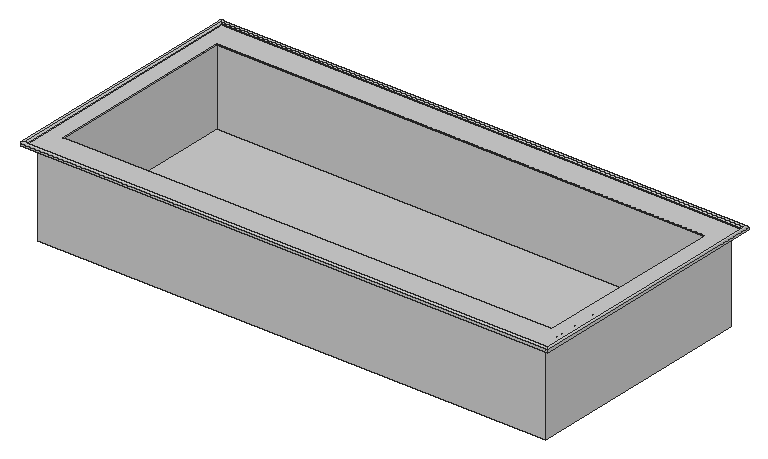
Revit family "QF_VOLLRATH_36444R", category Specialty Equipment, Revit 2016
Family settings
  Part Type = Normal
  Round Connector Dimension = Use Diameter
  OmniClass Number = 23.40.40.14.24.14
  OmniClass Title = Service Line Equipment
  Work Plane-Based = Yes
  Always vertical = Yes
  Cut with Voids When Loaded = Yes
  Shared = No
  Room Calculation Point = No
Parameters (values of type "36444R")
  Weight in Pounds = 0
  Waste Water Discharge Temperature [instance] = 0 °F
  Waste Remarks = ""
  URL Cutsheet = "www.vollrathfoodservice.com/downloads/59989/SPCDrop-inRemoteRefrigNSF7StndrdColdPanL35708en2013-07-30-pdf"
  URL = "www.vollrathfoodservice.com"
  Status [instance] = ""
  Specification by User [instance] = ""
  Specification by Manufacturer = ""
  Serial Number = ""
  Seismic Rating = ""
  SMACNA No = ""
  Revision Code [instance] = ""
  Refrigerant Volume = 0.00 kip
  Refrigerant Type [instance] = "R290"
  Plumbing Remarks [instance] = ""
  Plumbing Connection Type [instance] = ""
  NAFEM Spec ID Number = ""
  Model = "36444R"
  Masterspec = ""
  Manufacturer = "VOLLRATH US"
  Item Number [instance] = ""
  Installed By [instance] = ""
  Identify Quantity as Lot [instance] = no
  Furnished By [instance] = ""
  Foodservice Equipment Identifier [instance] = yes
  Direct Waste Size = 1"
  Direct Waste RI Height = 0"
  Direct Waste Flow = 0 GPM
  Direct Waste Connection Height = 0"
  Description = "FOUR-WELL REMOTE REFRIGERATED STANDARD DROP-IN COLD WELL"
  Default Elevation = 0"
  CSI MasterFormat = ""
  BTUH = 3100.0 Btu/h
  Author = ""
  Assembly Code = "E1090320"
Reference planes (in)
  plane 1 "Back": y = 0
  plane 2: z = 0
  plane 3 "Left": x = 0
  plane 4 "Front": y = -26
  plane 5 "Top": z = 0
  plane 6 "Right": x = 54.75
Forms (in)
  Extrusion 1, void
    sketch origin (0, 0, 0) x (1, 0, 0) y (0, 1, 0)
      loop
        line (54.375, -0.375) -> (0.375, -0.375) -> (0.375, -25.625) -> (54.375, -25.625) -> (54.375, -0.375)
    from 3.27425 to -8.875
  Extrusion 2, solid
    sketch origin (0, 0, 0) x (1, 0, 0) y (0, 1, 0)
      loop
        line (54.125, -0.625) -> (0.625, -0.625) -> (0.625, -25.375) -> (54.125, -25.375) -> (54.125, -0.625)
      loop
        line (2, -3.0625) -> (2, -22.9375) -> (52.75, -22.9375) -> (52.75, -3.0625) -> (2, -3.0625)
    from 0 to 0.14643
  Sweep 3, solid
    path origin (0, 0, 0) x (1, 0, 0) y (0, 1, 0)
      loop
        line (0.34375, -0.34375) -> (0.34375, -25.65625) -> (54.40625, -25.65625) -> (54.40625, -0.34375) -> (0.34375, -0.34375)
    profile origin (27.375, -0.34375, 0) x (0, 1, 0) y (0, 0, 1)
      loop
        line (0.34375, 0) -> (0.34375, 0.24548)
        arc (0.34375, 0.24548) -> (0.25632, 0.36797) -> (0.11207, 0.3251) r 0.12952
        line (0.11207, 0.3251) -> (0.00446, 0.18703)
        arc (0.00446, 0.18703) -> (-0.03241, 0.15713) -> (-0.07866, 0.14643) r 0.10539
        line (-0.07866, 0.14643) -> (-0.28125, 0.14643) -> (-0.28125, 0) -> (0.34375, 0)
  Extrusion 4, solid
    sketch origin (0, 0, 1.5) x (1, 0, 0) y (0, 1, 0)
      loop
        line (2, -3.0625) -> (2, -22.9375) -> (52.75, -22.9375) -> (52.75, -3.0625) -> (2, -3.0625)
      loop
        line (1, -1) -> (1, -25) -> (53.75, -25) -> (53.75, -1) -> (1, -1)
    from -10.375 to -1.5
  Extrusion 5, solid
    sketch origin (0, 0, 2.5) x (1, 0, 0) y (0, 1, 0)
      loop
        line (52.75, -3.0625) -> (2, -3.0625) -> (2, -22.9375) -> (52.75, -22.9375) -> (52.75, -3.0625)
      loop
        circle (27.375, -13) r 0.75
    from -11.375 to -10.305
  Extrusion 6, solid
    sketch origin (14.375, -4, 1.875) x (1, 0, 0) y (0, 1, 0)
      loop
        circle (13, -9) r 0.5
      loop
        circle (13, -9) r 0.75
    from -9.68 to -10.75
Cuts and joins
  joined: Extrusion 2, Sweep 3
  joined: Extrusion 4, Extrusion 5
Lines and regions (in)
  symbolic lines, style "200-EquipBorder-2D"
    curve 1: line (54.75, 0, 0) -> (0, 0, 0)
    curve 2: line (54.75, -26, 0) -> (54.75, 0, 0)
    curve 3: line (0, 0, 0) -> (0, -26, 0)
    curve 8: line (0, -26, 0) -> (54.75, -26, 0)
  symbolic lines, style "200-EquipInternal-2D"
    curve 4: line (52.75, -3.0625, 0) -> (2, -3.0625, 0)
    curve 5: line (52.75, -22.9375, 0) -> (52.75, -3.0625, 0)
    curve 6: line (2, -22.9375, 0) -> (52.75, -22.9375, 0)
    curve 7: line (2, -3.0625, 0) -> (2, -22.9375, 0)
    curve 9: arc (26.875, -13, 0) -> (27.375, -12.5, 0) -> (27.875, -13, 0) r 0.5
    curve 10: arc (27.875, -13, 0) -> (27.375, -13.5, 0) -> (26.875, -13, 0) r 0.5
    curve 11: arc (28.125, -13, 0) -> (27.375, -12.25, 0) -> (26.625, -13, 0) r 0.75
    curve 12: arc (26.625, -13, 0) -> (27.375, -13.75, 0) -> (28.125, -13, 0) r 0.75
Dimensions and locks (in)
  plane 3 "Left" to plane 6 "Right" = 54 3/4"
  plane 4 "Front" to plane 1 "Back" = 26"
  aligned and locked: level to plane 2
Connectors (in)
  piping at (27.375, -13, -8.875), diameter 1, driven by "Direct Waste Flow", driven by "Direct Waste Size"
    settings: on cut or joined group of Extrusion 4, Extrusion 5, index 1, connector inside diameter 24", connector length 0", flow factor 0, pipe flow 0 GPM, pressure drop 0.00 psi, fitting loss kfactor 0, connector angle 0.00°, fixture units 0, engagement length 0", angle of deflection 0.00°, flow configuration 1, flow direction 2, fitting loss method 0, system type 16, joint type 0, gender type 0, connector reference index -1, connector utility 0, adjustable connector no, is connector primary yes, connector description "Drain"
  piping at (50.75, -4, -8.875), diameter 0.3125
    settings: on Extrusion 5, index 2, connector inside diameter 24", connector length 0", flow factor 0, pipe flow 0 GPM, pressure drop 0.00 psi, fitting loss kfactor 0, connector angle 0.00°, fixture units 0, engagement length 0", angle of deflection 0.00°, flow configuration 1, flow direction 1, fitting loss method 0, system type 22, joint type 0, gender type 0, connector reference index -1, connector utility 0, adjustable connector no, is connector primary no, connector description "Refrigeration inlet"
  piping at (49.75, -4, -8.875), diameter 0.3125
    settings: on Extrusion 5, index 3, connector inside diameter 24", connector length 0", flow factor 0, pipe flow 0 GPM, pressure drop 0.00 psi, fitting loss kfactor 0, connector angle 0.00°, fixture units 0, engagement length 0", angle of deflection 0.00°, flow configuration 1, flow direction 2, fitting loss method 0, system type 22, joint type 0, gender type 0, connector reference index -1, connector utility 0, adjustable connector no, is connector primary no, connector description "Refrigeration outlet"
